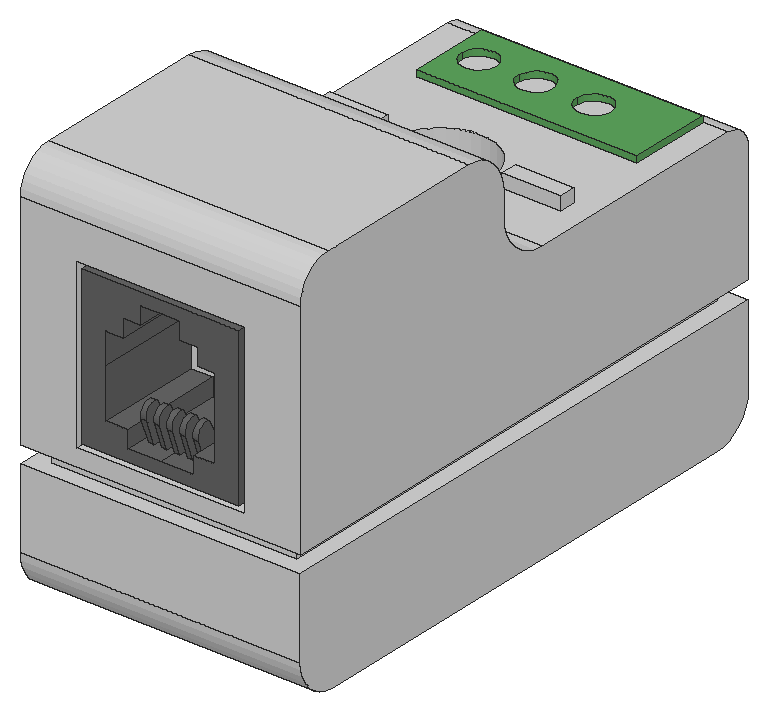
Revit family "5304a_rj45_and_cat5", category Communication Devices, host Face, Revit 2014
Parameters
  Warranty = "5-Years Warranty"  # constant formula
  Type Comments = "RJ45 Adapter and CAT5 System Cables"  # constant formula
  Product Page URL = "https://www.hubbell.com/hubbellcontrolsolutions/en/Products/Lighting-Controls/Lighting-Controls-Sensors/NX-Distributed-Intelligence-Lighting-Controls/RJ45-Adapter-and-CAT5-System-Cables/p/220962"
  Product Documentation Link = "https://hubbellcdn.com/specsheet/5304a_rj45_and_cat5_cutsheet.pdf"
  URL = "https://www.hubbell.com/hubbellcontrolsolutions/en"
  Model = "RJ45 Adapter and CAT5 System Cables"  # constant formula
  Manufacturer = "Hubbell Control Solutions"  # constant formula
  Width = 14.5000"
  Green = Plastic - Hubbell - Green
  Electrical Parameters = "RJ45ADAPTER: 4 Terminal Connectors\r\n Red: +24V\r\nBlue: Occupancy Sensor Input\r\nYellow: Photocell/Daylight Sensor Input\r\nBlack: Common\r\nClass 2 device\r\nMax Cable Length Supported: 300 ft. from device to control module"
  Certificatins = "cULus listed"
  Black = Paint - Hubbell - Carbon Black
  Height = 18.2600"
  White = Plastic - Hubbell - Gray
  Description = "The Hubbell Control Solutions NXFSP and NXDSP dual SmartPORT™ adapters allow for wired CAT5 interconnection of luminaires equipped with internal NXFM In-fixture modules."  # constant formula
  Default Elevation = 48.0000"
  Create Date = "10/23/2018"
  Copyright = "Copyright © 2018 Hubbell Control Solutions"  # constant formula
  Contact Us = "https://www.hubbell.com/hubbellcontrolsolutions/en/contactUs?productId=220962"
  Assembly Code = "D5090"
Reference planes (in)
  plane 1 "Center (Front/Back)": y = 13.01342
  plane 2: z = 0
  plane 3 "Center (Left/Right)": x = 0
  plane 4: x = 0.25
  plane 5: x = -0.25
  plane 6: y = 13.51342
  plane 7: y = 12.51342
  plane 8: z = 1
Forms (in)
  Extrusion 1, solid, material "Plastic - Hubbell - Gray" <- "White"
    sketch origin (0, 0, 0) x (0, 1, 0) y (0, 0, 1)
      loop
        arc (12.57593, 0.70312) -> (12.53173, 0.68482) -> (12.51342, 0.64062) r 0.06251
        line (12.51342, 0.64062) -> (12.51342, 0.07183)
        arc (12.51342, 0.07183) -> (12.53446, 0.02104) -> (12.58525, 0) r 0.07183
        line (12.58525, 0) -> (13.4428, 0)
        arc (13.4428, 0) -> (13.49273, 0.02068) -> (13.51342, 0.07062) r 0.07062
        line (13.51342, 0.07062) -> (13.51342, 0.4556)
        arc (13.51342, 0.4556) -> (13.50027, 0.48735) -> (13.46852, 0.5005) r 0.0449
        line (13.46852, 0.5005) -> (13.05451, 0.5005)
        arc (13.05451, 0.5005) -> (12.99231, 0.52626) -> (12.96654, 0.58846) r 0.08796
        line (12.96654, 0.58846) -> (12.96654, 0.62605)
        arc (12.96654, 0.62605) -> (12.94397, 0.68055) -> (12.88947, 0.70312) r 0.07707
        line (12.88947, 0.70312) -> (12.57593, 0.70312)
    from 0.5 to 0
  Extrusion 2, void
    sketch origin (0, 13.01342, 0) x (1, 0, 0) y (0, 0, 1)
      loop
        line (0.10013, 0.5741) -> (0.10013, 0.2741) -> (0.40013, 0.2741) -> (0.40013, 0.5741) -> (0.10013, 0.5741)
    from 0.5 to 0.3
  Extrusion 3, solid, material "Paint - Hubbell - Carbon Black" <- "Black"
    sketch origin (0, 13.01342, 0) x (1, 0, 0) y (0, 0, 1)
      loop
        line (0.11013, 0.5641) -> (0.11013, 0.2841) -> (0.39013, 0.2841) -> (0.39013, 0.5641) -> (0.11013, 0.5641)
      loop
        line (0.25013, 0.5429) -> (0.21516, 0.5429) -> (0.21516, 0.5119) -> (0.18416, 0.5119) -> (0.18416, 0.4809) -> (0.15316, 0.4809) -> (0.15316, 0.4241) -> (0.15316, 0.3363) -> (0.19172, 0.3363) -> (0.19172, 0.3053) -> (0.25013, 0.3053) -> (0.3105, 0.3053) -> (0.3105, 0.3363) -> (0.34711, 0.3363) -> (0.34711, 0.4241) -> (0.34711, 0.4809) -> (0.31611, 0.4809) -> (0.31611, 0.5119) -> (0.28511, 0.5119) -> (0.28511, 0.5429) -> (0.25013, 0.5429)
    from 0.5 to 0.31
  Extrusion 4, solid, material "Paint - Hubbell - Carbon Black" <- "Black"
    sketch origin (0.20264, 0, 0) x (0, 1, 0) y (0, 0, 1)
      loop
        line (12.54617, 0.3053) -> (12.59177, 0.3053) -> (12.55229, 0.37367)
        arc (12.55229, 0.37367) -> (12.53388, 0.36809) -> (12.53019, 0.3492) r 0.01866
        line (12.53019, 0.3492) -> (12.54617, 0.3053)
    from 0.01 to 0
  Extrusion 5, solid, material "Paint - Hubbell - Carbon Black" <- "Black"
    sketch origin (0.2959, 0, 0) x (0, 1, 0) y (0, 0, 1)
      loop
        line (12.54617, 0.3053) -> (12.59177, 0.3053) -> (12.55229, 0.37367)
        arc (12.55229, 0.37367) -> (12.53388, 0.36809) -> (12.53019, 0.3492) r 0.01866
        line (12.53019, 0.3492) -> (12.54617, 0.3053)
    from 0.01 to 0
  Extrusion 6, solid, material "Paint - Hubbell - Carbon Black" <- "Black"
    sketch origin (0.22596, 0, 0) x (0, 1, 0) y (0, 0, 1)
      loop
        line (12.54617, 0.3053) -> (12.59177, 0.3053) -> (12.55229, 0.37367)
        arc (12.55229, 0.37367) -> (12.53388, 0.36809) -> (12.53019, 0.3492) r 0.01866
        line (12.53019, 0.3492) -> (12.54617, 0.3053)
    from 0.01 to 0
  Extrusion 7, solid, material "Paint - Hubbell - Carbon Black" <- "Black"
    sketch origin (0.24927, 0, 0) x (0, 1, 0) y (0, 0, 1)
      loop
        line (12.54617, 0.3053) -> (12.59177, 0.3053) -> (12.55229, 0.37367)
        arc (12.55229, 0.37367) -> (12.53388, 0.36809) -> (12.53019, 0.3492) r 0.01866
        line (12.53019, 0.3492) -> (12.54617, 0.3053)
    from 0.01 to 0
  Extrusion 8, solid, material "Paint - Hubbell - Carbon Black" <- "Black"
    sketch origin (0.27258, 0, 0) x (0, 1, 0) y (0, 0, 1)
      loop
        line (12.54617, 0.3053) -> (12.59177, 0.3053) -> (12.55229, 0.37367)
        arc (12.55229, 0.37367) -> (12.53388, 0.36809) -> (12.53019, 0.3492) r 0.01866
        line (12.53019, 0.3492) -> (12.54617, 0.3053)
    from 0.01 to 0
  Extrusion 9, void
    sketch origin (0, -0.21816, 0.49) x (1, 0, 0) y (0, 1, 0)
      loop
        circle (0.23462, 13.37679) r 0.09
    from 0.01 to -0.1012
  Extrusion 10, solid, material "Plastic - Hubbell - Green" <- "Green"
    sketch origin (0, -0.01172, 0.49) x (1, 0, 0) y (0, 1, 0)
      loop
        line (0.06139, 13.33307) -> (0.45527, 13.33307) -> (0.45527, 13.47913) -> (0.06139, 13.47913) -> (0.06139, 13.33307)
    from 0.0215 to 0.0105
  Extrusion 11, solid, material "Plastic - Hubbell - Gray" <- "White"
    sketch origin (0, 0, 0) x (1, 0, 0) y (0, 1, 0)
      loop
        line (0.12509, 13.14691) -> (0.12509, 13.17791) -> (0.02028, 13.17791) -> (0.02028, 13.14691) -> (0.12509, 13.14691)
      loop
        line (0.45752, 13.14691) -> (0.45752, 13.17791) -> (0.35272, 13.17791) -> (0.35272, 13.14691) -> (0.45752, 13.14691)
    from 0.52499 to 0.48
  Extrusion 12, void
    sketch origin (0, 0, 0.4865) x (1, 0, 0) y (0, 1, 0)
      loop
        circle (0.11201, 13.3972) r 0.031
      loop
        circle (0.21341, 13.3972) r 0.031
      loop
        circle (0.21409, 15.54306) r 0.031
      loop
        circle (0.3175, 13.3972) r 0.031
    from 0.025 to 0.014
  Sweep 13, void
    path origin (0, 0, 0) x (1, 0, 0) y (0, 1, 0)
      loop
        line (0, 13.51342) -> (0, 12.51342) -> (0.5, 12.51342) -> (0.5, 13.51342) -> (0, 13.51342)
    profile origin (0.25, 13.51342, 0) x (0, 1, 0) y (0, 0, 1)
      loop
        line (0, 0.21322) -> (0, 0.24422) -> (-0.031, 0.24422) -> (-0.031, 0.21322) -> (0, 0.21322)
Cuts and joins
  Extrusion 2, Extrusion 9, Extrusion 12, Sweep 13 cuts Extrusion 1
  Extrusion 12, Sweep 13 cuts Extrusion 11
  joined: Extrusion 1, Extrusion 11
  Extrusion 12 cuts Extrusion 10
Dimensions and locks (in)
  equal spacing: group 1, group 3, group 4, group 5, group 2  (x3)
  aligned and locked: plane 2 to host face
  aligned and locked: level to host face
  aligned and locked: Extrusion 10 to cut or joined group of Extrusion 1, Extrusion 2, Extrusion 9, Extrusion 11, Extrusion 12, Sweep 13
  aligned and locked: Extrusion 12 to Extrusion 1
  aligned and locked: Extrusion 12 to Extrusion 10
